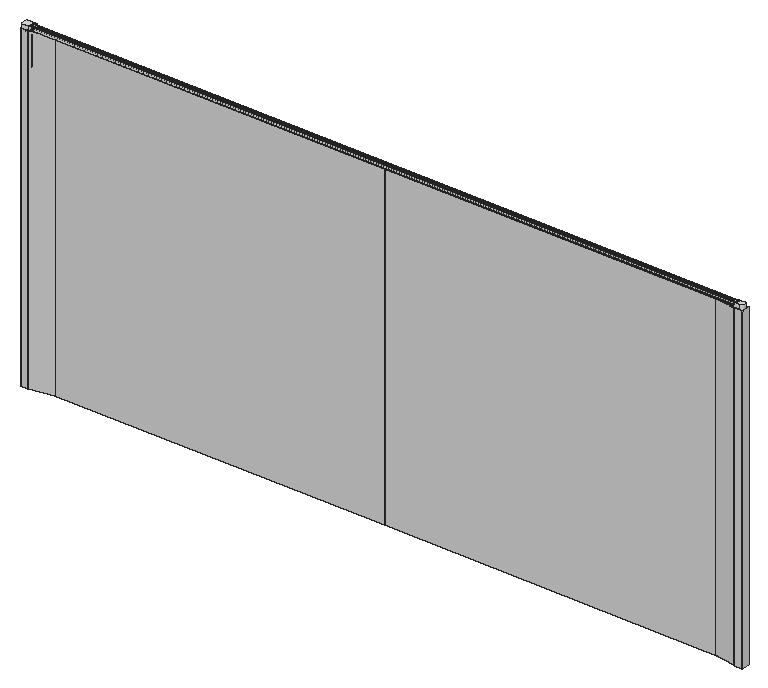
Revit family "Drapery_System-Lutron-Alena-LOD_200", category Generic Models, Revit 2017
Family settings
  Can host rebar = No
  Round Connector Dimension = Use Diameter
  Part Type = Normal
  OmniClass Number = 23.25.40.17.11
  OmniClass Title = Horizontally Sliding Partitions
  Work Plane-Based = No
  Always vertical = Yes
  Cut with Voids When Loaded = No
  Shared = No
  Room Calculation Point = No
Parameters (values of type "Pinch Pleat 2.5x")
  Warranty URL = "http://www.lutron.com/en-US/Service-Support/Pages/Service/Warranty/Warranty.aspx"
  Video Link = "https://www.youtube.com/user/LutronElectronicsInc"
  Version = "2017 - v1.0a"  # constant formula
  URL = "www.lutron.com"
  Type Comments = if(Pinch Pleat, "Pinch Pleat", "Ripplefold")  # "Pinch Pleat"
  Track Offset Constraint = if(Pinch Pleat, 1/8", 1/4")  # 1/8"
  Track = Metal - Lutron - Steel
  Support Phone = "(224) 699-9545"  # constant formula
  Support Email = "mailto: support@anguleris.com"
  Stackback Side Draw [instance] = 4 3/4" + (Carrier Count * 77/128") + Master Carrier Stackback Width  # 27 19/64"
  Stackback Right Max [instance] = if((4 3/4" + (Carrier Count Right * 77/128")) > (4 3/8" + (Carrier Count * 77/128")), (4 3/4" + (Carrier Count Right * 77/128")), (4 3/8" + (Carrier Count * 77/128")))  # 22 51/64"
  Stackback Right [instance] = if(and(Curtain Open, Center Draw), (Stackback Right Max + Master Carrier Stackback Width), if(and(Curtain Open, not(Center Draw)), Stackback Side Draw, if(and(Curtain Closed, Center Draw), (Curtain Length Constraint / 2), Curtain Length Constraint)))  # 108"
  Stackback Left Max [instance] = if((4 3/8" + (Carrier Count Right * 77/128")) > (4 3/4" + (Carrier Count * 77/128")), (4 3/8" + (Carrier Count Right * 77/128")), (4 3/4" + (Carrier Count * 77/128")))  # 22 51/64"
  Stackback Left [instance] = if(and(Curtain Open, Center Draw), (Stackback Left Max + Master Carrier Stackback Width), if(and(Curtain Open, not(Center Draw)), Stackback Side Draw, if(and(Curtain Closed, Center Draw), (Curtain Length Constraint / 2), Curtain Length Constraint)))  # 108"
  Ripplefold 80% = no
  Ripplefold 120% = no
  Ripplefold 100% = and(Ripplefold, not(or(Ripplefold 80%, Ripplefold 120%)))  # no
  Ripplefold = not(Pinch Pleat)  # no
  Right Draw Constraint [instance] = or(Right Draw, Center Draw)  # yes
  Right Draw [instance] = no
  Product Page URL = "http://www.lutron.com/en-US/Products/Pages/Components/AlenaPullToStartDraperyTrack/Overview.aspx"
  Product Name = "Alean Pull-to-Start Drapery Track"  # constant formula
  Product Documentation Link = "http://www.lutron.com/TechnicalDocumentLibrary/085319.pdf"
  Pinch Pleat 3x = no
  Pinch Pleat 2x = no
  Pinch Pleat 2.5x = and(Pinch Pleat, not(or(Pinch Pleat 2x, Pinch Pleat 3x)))  # yes
  Pinch Pleat = yes
  Performance URL = "http://www.lutron.com/en-US/Service-Support/Pages/Technical/PerfomanceSpecs.aspx"
  Panel Wavelength = Auxiliary Car Spacing * 2  # 7"
  Panel Count [instance] = if(or(Left Draw, Right Draw), Curtain Length Constraint / Panel Wavelength, (Curtain Length Constraint / 2) / Panel Wavelength)  # 15
  Model = if(and(Alena QS Wireless, Alena QS), "Please select only one model.", if(Alena QS Wireless, "Alena QS Wireless", if(Alena QS, "Alena QS", "Alena")))  # "Alena"
  Master Carrier Stackback Width [instance] = if(and(Ripplefold, Center Draw), 5 3/4", if(and(Ripplefold, not(Center Draw)), 5 1/4", 4 1/2"))  # 4 1/2"
  Manufacturer Phone Number = "(610) 282-3800"  # constant formula
  Manufacturer Fax Number = "(610) 282-1243"  # constant formula
  Manufacturer Email = "mailto: support@lutron.com"
  Manufacturer Address = "7200 Suter Rd, Coopersburg, PA 18036"  # constant formula
  Manufacturer = "Lutron Electronics Co., Inc"  # constant formula
  Left Draw Constraint [instance] = or(Left Draw, Center Draw)  # yes
  Left Draw [instance] = no
  Keynote = ""
  Instruction Sheet Link = "http://www.lutron.com/TechnicalDocumentLibrary/045402.pdf"
  Floor Offset Constraint [instance] = if(Floor Offset < 1/2", 1/2", if(Floor Offset > 1", 1", Floor Offset))  # 1"
  Floor Offset [instance] = 1"
  Drapery Visibility Contraint Left [instance] = and(Drapery Visibility, or(Left Draw, Center Draw))  # yes
  Drapery Visibility Constraint Right [instance] = and(Drapery Visibility, or(Right Draw, Center Draw))  # yes
  Drapery Visibility [instance] = yes
  Drapery = Fabric - Pinch Pleat - 2x
  Description = "Drapery System"  # constant formula
  Curtain Open [instance] = no
  Curtain Length Constraint [instance] = if(Curtain Length > 216", 216", Curtain Length)  # 216"
  Curtain Length [instance] = 216"
  Curtain Height [instance] = 96"
  Curtain Closed [instance] = not(Curtain Open)  # yes
  Cost Info = "mailto: custsvc@lutron.com"
  Cost = 0
  Copyright = "© 2019 Lutron Electronics Co., Inc"  # constant formula
  Clearance Offset Right [instance] = if(Right Draw, 3 83/256", 3 29/256")  # 3 29/256"
  Clearance Offset Left [instance] = if(Right Draw, 3 29/256", 3 83/256")  # 3 83/256"
  Clearance [instance] = no
  Center Draw [instance] = not(or(Left Draw, Right Draw))  # yes
  Carrier Count Right [instance] = if(and(Ripplefold, Center Draw), Carrier Count + 1, Carrier Count)  # 30
  Carrier Count [instance] = if(and(Pinch Pleat, Center Draw), roundup(((Curtain Length Constraint - 11 1/2") / Auxiliary Car Spacing) / 2), if(and(Pinch Pleat, not(Center Draw)), roundup((Curtain Length Constraint - 9 51/128") / Auxiliary Car Spacing), if(and(Ripplefold, Center Draw), roundup(((Curtain Length Constraint - 17 115/128") / Auxiliary Car Spacing + 1) / 2), roundup((Curtain Length Constraint - 10 77/256") / Auxiliary Car Spacing + 1))))  # 30
  Auxiliary Car Spacing = if(Ripplefold 80%, 2 3/8", if(Ripplefold 120%, 1 7/8", if(Ripplefold 100%, 2 1/8", if(Pinch Pleat 2x, 3 1/2", if(Pinch Pleat 3x, 3", 3 1/2")))))  # 3 1/2"
  Assembly Code = "C1010300"
  Alena QS Wireless = no
  Alena QS = no
  Alena = not(or(Alena QS, Alena QS Wireless))  # yes
Types (6): name | Type Comments | Track Offset Constraint | Stackback Side Draw | Stackback Right Max | Stackback Left Max | Ripplefold 80% | Ripplefold 120% | Ripplefold 100% | Ripplefold | Pinch Pleat 3x | Pinch Pleat 2x | Pinch Pleat 2.5x | Pinch Pleat | Performance URL | Panel Wavelength | Panel Count | Master Carrier Stackback Width | Drapery | Clearance | Carrier Count Right | Carrier Count | Auxiliary Car Spacing
  Pinch Pleat 2.5x | "Pinch Pleat" | 1/8" | 27 19/64" | 22 51/64" | 22 51/64" | no | no | no | no | no | no | yes | yes | "http://www.lutron.com/en-US/Service-Support/Pages/Technical/PerfomanceSpecs.aspx" | 7" | 15 | 4 1/2" | Fabric - Pinch Pleat - 2x | no | 30 | 30 | 3 1/2"
  Pinch Pleat 3x | "Pinch Pleat" | 1/8" | 30 39/128" | 25 103/128" | 25 103/128" | no | no | no | no | yes | no | no | yes | "" | 6" | 18 | 4 1/2" | Fabric - Pinch Pleat - 3x | no | 35 | 35 | 3"
  Ripplefold 120% | "Ripplefold" | 1/4" | 42 63/64" | 37 107/128" | 37 59/128" | no | yes | no | yes | no | no | no | no | "" | 3 3/4" | 29 | 5 3/4" | Fabric - Ripplefold - 120% | yes | 55 | 54 | 1 7/8"
  Ripplefold 80% | "Ripplefold" | 1/4" | 36 47/128" | 31 7/32" | 30 27/32" | yes | no | no | yes | no | no | no | no | "" | 4 3/4" | 23 | 5 3/4" | Fabric - Ripplefold - 80% | no | 44 | 43 | 2 3/8"
  Pinch Pleat 2x | "Pinch Pleat" | 1/8" | 27 19/64" | 22 51/64" | 22 51/64" | no | no | no | no | no | yes | no | yes | "" | 7" | 15 | 4 1/2" | Fabric - Pinch Pleat - 2x | no | 30 | 30 | 3 1/2"
  Ripplefold 100% | "Ripplefold" | 1/4" | 39 3/8" | 34 29/128" | 33 109/128" | no | no | yes | yes | no | no | no | no | "" | 4 1/4" | 25 | 5 3/4" | Fabric - Ripplefold - 100% | no | 49 | 48 | 2 1/8"
Reference planes (in)
  plane 1 "Center (Front/Back)": y = 0
  plane 2: z = 0
  plane 3 "Center (Left/Right)": x = -0.10879
  plane 4 "Top (Curtain)": z = 97
  plane 5: z = 1
  plane 6 "Bottom (Track)": z = 97.125
  plane 7 "Top": z = 98.15625
  plane 8 "Left (Track)": x = -105.78421
  plane 9 "Right (Track)": x = 105.78421
  plane 10 "Left (Clearance)": x = -109.10843
  plane 11 "Right (Clearance)": x = 108.89749
  plane 12 "Back (Clearance)": y = 2.5
  plane 13 "Front (Clearance)": y = -2.5
  plane 14 "Left (Right Draw)": x = -0.10879
  plane 15 "Right (Left Draw)": x = -0.10879
  plane 16 "Back (Curtain)": y = 0.03125
  plane 17 "Front (Curtain)": y = -0.03125
  plane 18 "Left": x = -108.10879
  plane 19 "Right": x = 107.89121
  plane 20: z = -1
Forms (in)
  Sweep 1, solid, material "Metal - Lutron - Steel" <- "Track"
    path origin (-118.62116, -180, 98.15625) x (-1, 0, 0) y (0, -1, 0)
      loop
        line (-12.83695, -180) -> (-224.40537, -180)
    profile "Track_Profile : Track_Profile" origin (0, 0, 98.15625) x (0, 1, 0) y (0, 0, 1)
      loop
        line (-0.56481, -0.07) -> (-0.45831, -0.07) -> (-0.45831, 0) -> (-0.61281, 0)
        arc (-0.61281, 0) -> (-0.62695, -0.00586) -> (-0.63281, -0.02) r 0.02
        line (-0.63281, -0.02) -> (-0.63281, -0.97813)
        arc (-0.63281, -0.97813) -> (-0.61524, -1.02055) -> (-0.57281, -1.03813) r 0.06
        line (-0.57281, -1.03813) -> (-0.15481, -1.03812)
        arc (-0.15481, -1.03812) -> (-0.14067, -1.03227) -> (-0.13481, -1.01813) r 0.02
        line (-0.13481, -1.01813) -> (-0.13481, -0.93407)
        arc (-0.13481, -0.93407) -> (-0.21681, -0.98888) -> (-0.29881, -0.93407) r 0.08875
        line (-0.29881, -0.93407) -> (-0.29881, -0.79912) -> (-0.34681, -0.79912) -> (-0.34681, -0.97412) -> (-0.56481, -0.97412) -> (-0.56481, -0.379) -> (-0.34681, -0.379) -> (-0.34681, -0.57806) -> (-0.29881, -0.57806) -> (-0.29881, -0.379) -> (0.299, -0.379) -> (0.299, -0.57806) -> (0.347, -0.57806) -> (0.347, -0.379) -> (0.56481, -0.379) -> (0.56481, -0.97412) -> (0.347, -0.97412) -> (0.347, -0.79912) -> (0.299, -0.79912) -> (0.299, -0.93407)
        arc (0.299, -0.93407) -> (0.217, -0.98888) -> (0.135, -0.93407) r 0.08875
        line (0.135, -0.93407) -> (0.135, -1.01813)
        arc (0.135, -1.01813) -> (0.14086, -1.03227) -> (0.155, -1.03813) r 0.02
        line (0.155, -1.03813) -> (0.57281, -1.03812)
        arc (0.57281, -1.03812) -> (0.61524, -1.02055) -> (0.63281, -0.97813) r 0.06
        line (0.63281, -0.97813) -> (0.63281, -0.02)
        arc (0.63281, -0.02) -> (0.62695, -0.00586) -> (0.61281, 0) r 0.02
        line (0.61281, 0) -> (0.45831, 0) -> (0.45831, -0.07) -> (0.56481, -0.07) -> (0.56481, -0.317) -> (-0.56481, -0.317) -> (-0.56481, -0.07)
  Extrusion 2, solid, material "Clearance - Lutron - Clear", visible <- "Clearance"
    sketch origin (0, 0, 0) x (1, 0, 0) y (0, 1, 0)
      loop
        line (-109.10843, 2.5) -> (-109.10843, -2.5) -> (108.89749, -2.5) -> (108.89749, 2.5) -> (-109.10843, 2.5)
    from 0 to 98.15625
  Extrusion 3, solid, material "Fabric - Pinch Pleat - 2x" <- "Drapery", visible <- "Drapery Visibility Contraint Left"
    sketch origin (0, 0, 0) x (1, 0, 0) y (0, 1, 0)
      loop
        line (-108.10879, 0.03125) -> (-108.10879, -0.03125) -> (-0.10879, -0.03125) -> (-0.10879, 0.03125) -> (-108.10879, 0.03125)
    from -1 to 97
  Extrusion 4, solid, material "Fabric - Pinch Pleat - 2x" <- "Drapery", visible <- "Drapery Visibility Constraint Right"
    sketch origin (0, 0, 0) x (1, 0, 0) y (0, 1, 0)
      loop
        line (-0.10879, 0.03125) -> (-0.10879, -0.03125) -> (107.89121, -0.03125) -> (107.89121, 0.03125) -> (-0.10879, 0.03125)
    from -1 to 97
  Extrusion 5, solid, material "Fabric - Pinch Pleat - 2x" <- "Drapery", visible <- "Drapery Visibility Contraint Left"
    sketch origin (0, 0, 0) x (1, 0, 0) y (0, 1, 0)
      loop
        arc (-105.77643, -1.13895) -> (-105.86067, -1.14975) -> (-105.94551, -1.15335) r 1
        line (-105.94551, -1.15335) -> (-108.21367, -1.15335)
        arc (-108.21367, -1.15335) -> (-108.23576, -1.1442) -> (-108.24492, -1.1221) r 0.03125
        line (-108.24492, -1.1221) -> (-108.24492, 0.97479) -> (-108.30742, 0.97479) -> (-108.30742, -1.1221)
        arc (-108.30742, -1.1221) -> (-108.27996, -1.18839) -> (-108.21367, -1.21585) r 0.09375
        line (-108.21367, -1.21585) -> (-105.94551, -1.21585)
        arc (-105.94551, -1.21585) -> (-105.85536, -1.21202) -> (-105.76587, -1.20055) r 1.0625
        line (-105.76587, -1.20055) -> (-98.76757, 0) -> (-99.13722, 0) -> (-105.77643, -1.13895)
    from -1 to 97
  Extrusion 6, solid, material "Fabric - Pinch Pleat - 2x" <- "Drapery", visible <- "Drapery Visibility Constraint Right"
    sketch origin (-0.21757, 0, 0) x (-1, 0, 0) y (0, -1, 0)
      loop
        line (-105.77643, 1.13895) -> (-99.13722, 0) -> (-98.76757, 0) -> (-105.76587, 1.20055)
        arc (-105.76587, 1.20055) -> (-105.85536, 1.21202) -> (-105.94551, 1.21585) r 1.0625
        line (-105.94551, 1.21585) -> (-108.21367, 1.21585)
        arc (-108.21367, 1.21585) -> (-108.27996, 1.18839) -> (-108.30742, 1.1221) r 0.09375
        line (-108.30742, 1.1221) -> (-108.30742, -0.97479) -> (-108.24492, -0.97479) -> (-108.24492, 1.1221)
        arc (-108.24492, 1.1221) -> (-108.23576, 1.1442) -> (-108.21367, 1.15335) r 0.03125
        line (-108.21367, 1.15335) -> (-105.94551, 1.15335)
        arc (-105.94551, 1.15335) -> (-105.86067, 1.14975) -> (-105.77643, 1.13895) r 1
    from -1 to 97
  Extrusion 7, void
    sketch origin (0, 0, 0) x (1, 0, 0) y (0, 0, 1)
      loop
        line (-109.10843, 1) -> (-109.10843, -1) -> (108.89749, -1) -> (108.89749, 1) -> (-109.10843, 1)
    from -2.5 to 2.5
Cuts and joins
  Extrusion 7 cuts Extrusion 6
  Extrusion 7 cuts Extrusion 4
  Extrusion 7 cuts Extrusion 3
  Extrusion 7 cuts Extrusion 5
Dimensions and locks (in)
  "Floor Offset Constraint": plane 5 to level
  "Curtain Height": plane 4 "Top (Curtain)" to plane 5
  "Track Offset Constraint": plane 6 "Bottom (Track)" to plane 4 "Top (Curtain)"
  locked: plane 7 "Top" to plane 6 "Bottom (Track)" at 1.03125
  "Clearance Offset Left": plane 10 "Left (Clearance)" to plane 8 "Left (Track)"
  "Clearance Offset Right": plane 9 "Right (Track)" to plane 11 "Right (Clearance)"
  plane 13 "Front (Clearance)" to plane 1 "Center (Front/Back)" to plane 12 "Back (Clearance)" = 2 1/2" locked, 2 1/2" locked
  equal spacing: plane 16 "Back (Curtain)", plane 1 "Center (Front/Back)", plane 17 "Front (Curtain)"
  plane 16 "Back (Curtain)" to plane 17 "Front (Curtain)" = 1/16"
  locked: plane 10 "Left (Clearance)" to plane 18 "Left" at 0.99964
  locked: plane 19 "Right" to plane 11 "Right (Clearance)" at 1.00628
  "Stackback Right": plane 14 "Left (Right Draw)" to plane 19 "Right"
  "Stackback Left": plane 18 "Left" to plane 15 "Right (Left Draw)"
  "Curtain Length Constraint": plane 18 "Left" to plane 19 "Right"
  equal spacing: plane 18 "Left", plane 3 "Center (Left/Right)", plane 19 "Right"
  Extrusion 6 sketch curve to Extrusion 6 sketch curve to Extrusion 6 sketch curve to Extrusion 6 sketch curve to plane 19 "Right" to Extrusion 6 sketch curve to Extrusion 6 sketch curve to Extrusion 6 sketch curve to Extrusion 6 sketch curve = 0.36965" locked, 6.8083" locked, 0" locked, 2.16327" locked, 0.10488" locked, 0" locked, 1/32" locked, 1/16" locked
  Extrusion 6 sketch curve to Extrusion 6 sketch curve to Extrusion 6 sketch curve to Extrusion 6 sketch curve to plane 1 "Center (Front/Back)" to Extrusion 6 sketch curve = 0" locked, 31/32" locked, 0" locked, 0.15335" locked, 0.97479" locked
  Extrusion 5 sketch curve to Extrusion 5 sketch curve to Extrusion 5 sketch curve to Extrusion 5 sketch curve to Extrusion 5 sketch curve to Extrusion 5 sketch curve to Extrusion 5 sketch curve to Extrusion 5 sketch curve to plane 1 "Center (Front/Back)" to Extrusion 5 sketch curve to Extrusion 5 sketch curve to Extrusion 5 sketch curve to Extrusion 5 sketch curve = 0" locked, 0.0153" locked, 0.0472" locked, 0" locked, 0.0144" locked, 0.01685" locked, 0" locked, 1.1221" locked, 0" locked, 0" locked, 0.97479" locked, 0" locked
  Extrusion 5 sketch curve to Extrusion 5 sketch curve to Extrusion 5 sketch curve to Extrusion 5 sketch curve to Extrusion 5 sketch curve to Extrusion 5 sketch curve to plane 18 "Left" to Extrusion 5 sketch curve to Extrusion 5 sketch curve to Extrusion 5 sketch curve to Extrusion 5 sketch curve to Extrusion 5 sketch curve to Extrusion 5 sketch curve = 0" locked, 1/16" locked, 0" locked, 1/32" locked, 0" locked, 0.10488" locked, 2.16327" locked, 0" locked, 0.16908" locked, 0.01057" locked, 6.62865" locked, 0.36965" locked
  level to plane 20 = 1"
  aligned and locked: level to plane 2
  aligned and locked: plane 9 "Right (Track)" to Sweep 1 sketch curve
  aligned and locked: plane 8 "Left (Track)" to Sweep 1 sketch curve
  aligned and locked: plane 1 "Center (Front/Back)" to Sweep 1 sketch curve
  aligned and locked: plane 8 "Left (Track)" to nested 1
  aligned and locked: nested 1 to plane 1 "Center (Front/Back)"
  aligned and locked: nested 2 to plane 1 "Center (Front/Back)"
  aligned and locked: plane 7 "Top" to nested 2
  aligned and locked: nested 2 to plane 9 "Right (Track)"
  aligned and locked: plane 8 "Left (Track)" to nested 3
  aligned and locked: plane 1 "Center (Front/Back)" to nested 3
  aligned and locked: plane 10 "Left (Clearance)" to Extrusion 2 sketch curve
  aligned and locked: plane 11 "Right (Clearance)" to Extrusion 2 sketch curve
  aligned and locked: Extrusion 2 sketch curve to plane 12 "Back (Clearance)"
  aligned and locked: Extrusion 2 sketch curve to plane 13 "Front (Clearance)"
  aligned and locked: plane 7 "Top" to Extrusion 2
  aligned and locked: Extrusion 3 sketch curve to plane 15 "Right (Left Draw)"
  aligned and locked: Extrusion 3 sketch curve to plane 16 "Back (Curtain)"
  aligned and locked: Extrusion 3 sketch curve to plane 17 "Front (Curtain)"
  aligned and locked: plane 4 "Top (Curtain)" to Extrusion 3
  aligned and locked: Extrusion 4 sketch curve to plane 16 "Back (Curtain)"
  aligned and locked: Extrusion 4 sketch curve to plane 17 "Front (Curtain)"
  aligned and locked: plane 14 "Left (Right Draw)" to Extrusion 4 sketch curve
  aligned and locked: plane 4 "Top (Curtain)" to Extrusion 4
  aligned and locked: plane 7 "Top" to nested 1
  aligned and locked: nested 3 to nested 1
  aligned and locked: nested 4 to plane 7 "Top"
  aligned and locked: nested 4 to plane 1 "Center (Front/Back)"
  aligned and locked: plane 8 "Left (Track)" to nested 4
  aligned and locked: nested 5 to plane 1 "Center (Front/Back)"
  aligned and locked: nested 5 to plane 9 "Right (Track)"
  aligned and locked: nested 5 to plane 7 "Top"
  aligned and locked: nested 6 to plane 1 "Center (Front/Back)"
  aligned and locked: plane 9 "Right (Track)" to nested 6
  aligned and locked: nested 5 to nested 6
  aligned and locked: plane 18 "Left" to Extrusion 3 sketch curve
  aligned and locked: plane 19 "Right" to Extrusion 4 sketch curve
  aligned and locked: plane 4 "Top (Curtain)" to Extrusion 5
  aligned and locked: plane 4 "Top (Curtain)" to Extrusion 6
  aligned and locked: plane 1 "Center (Front/Back)" to Extrusion 6 sketch curve
  aligned and locked: Extrusion 3 to plane 20
  aligned and locked: Extrusion 5 to plane 20
  aligned and locked: Extrusion 4 to plane 20
  aligned and locked: Extrusion 6 to plane 20
  aligned and locked: Extrusion 7 sketch curve to plane 5
  aligned and locked: plane 20 to Extrusion 7 sketch curve
  aligned and locked: plane 10 "Left (Clearance)" to Extrusion 7 sketch curve
  aligned and locked: plane 11 "Right (Clearance)" to Extrusion 7 sketch curve
  aligned and locked: plane 12 "Back (Clearance)" to Extrusion 7
  aligned and locked: plane 13 "Front (Clearance)" to Extrusion 7
  aligned and locked: plane 4 "Top (Curtain)" to cut or joined group of Extrusion 5, Extrusion 7  (x2)
  aligned and locked: plane 4 "Top (Curtain)" to cut or joined group of Extrusion 3, Extrusion 7
  aligned and locked: cut or joined group of Extrusion 4, Extrusion 7 to plane 4 "Top (Curtain)"
  aligned and locked: plane 4 "Top (Curtain)" to cut or joined group of Extrusion 6, Extrusion 7  (x2)
Automatic sketch dimensions
  Extrusion 6 sketch curve to Extrusion 6 sketch curve = 0.16908"
  Extrusion 6 sketch curve to Extrusion 6 sketch curve = 0.01057"
Nested families (in)
  nested 1: "Railbox_EDU" at (-105.78421, 0, 96.70624), Geometry <- "Left Draw Constraint", type "Railbox_EDU"
    with Geometry yes
  nested 2: "Railbox_Idler" at (105.78421, 0, 96.9203), Geometry <- "Left Draw Constraint", type "Railbox_Idler"
    with Geometry yes
  nested 3: "ElectronicDriveUnit" at (-105.78421, 0, 87.51624), Geometry <- "Left Draw Constraint", type "ElectronicDriveUnit"
    with Geometry yes
  nested 4: "Railbox_Idler" at (-105.78421, 0, 96.9203) x (-1, 0, 0) z (0, 0, 1), Geometry <- "Right Draw", type "Railbox_Idler"
    with Geometry no
  nested 5: "Railbox_EDU" at (105.78421, 0, 96.70624) x (-1, 0, 0) z (0, 0, 1), Geometry <- "Right Draw", type "Railbox_EDU"
    with Geometry no
  nested 6: "ElectronicDriveUnit" at (105.78421, 0, 87.51624) x (-1, 0, 0) z (0, 0, 1), Geometry <- "Right Draw", type "ElectronicDriveUnit"
    with Geometry no
Definition of nested family "Railbox_EDU"
  Parameters (values of type "Railbox_EDU")
    Geometry [instance] = yes
    Finish = none
  Reference planes (in)
    plane 1 "Center (Front/Back)": y = 0
    plane 2: z = 0
    plane 3 "Center (Left/Right)": x = 0
  Forms (in)
    Extrusion 1, solid, material <- "Finish", visible <- "Geometry"
      sketch origin (107.17691, 4.08038, -96.84) x (1, 0, 0) y (0, 1, 0)
        loop
          line (-107.21074, -3.07434) -> (-109.33324, -3.07434)
          arc (-109.33324, -3.07434) -> (-109.44867, -3.12182) -> (-109.49729, -3.23677) r 0.16406
          arc (-109.49729, -3.23677) -> (-109.50149, -4.08038) -> (-109.49729, -4.92399) r 84.78661
          arc (-109.49729, -4.92399) -> (-109.44867, -5.03894) -> (-109.33324, -5.08642) r 0.16406
          line (-109.33324, -5.08642) -> (-107.21074, -5.08642) -> (-106.44057, -4.95062)
          arc (-106.44057, -4.95062) -> (-106.38503, -4.91855) -> (-106.3631, -4.85829) r 0.09375
          line (-106.3631, -4.85829) -> (-106.3631, -4.71319) -> (-107.17691, -4.71319) -> (-107.17691, -3.44757) -> (-106.3631, -3.44757) -> (-106.3631, -3.30247)
          arc (-106.3631, -3.30247) -> (-106.38503, -3.24221) -> (-106.44057, -3.21014) r 0.09375
          line (-106.44057, -3.21014) -> (-107.21074, -3.07434)
      from 96.84 to 98.29001
    Extrusion 2, solid, material <- "Finish", visible <- "Geometry"
      sketch origin (107.17691, 4.08038, -96.84) x (1, 0, 0) y (0, 1, 0)
        loop
          line (-108.4562, -2.92703) -> (-108.57981, -3.07434) -> (-107.8295, -3.07434) -> (-107.95311, -2.92703) -> (-108.4562, -2.92703)
        loop
          line (-108.4562, -5.23373) -> (-107.95311, -5.23373) -> (-107.8295, -5.08642) -> (-108.57981, -5.08642) -> (-108.4562, -5.23373)
        loop
          line (-109.63762, -3.22103) -> (-109.63762, -3.63124) -> (-109.4758, -3.77191) -> (-109.4758, -3.22103) -> (-109.63762, -3.22103)
        loop
          line (-109.63762, -4.93973) -> (-109.4758, -4.93973) -> (-109.4758, -4.38885) -> (-109.63762, -4.52952) -> (-109.63762, -4.93973)
      from 96.94001 to 97.04001
    Extrusion 3, solid, material <- "Finish", visible <- "Geometry"
      sketch origin (107.17691, 4.08038, -96.84) x (1, 0, 0) y (0, 1, 0)
        loop
          line (-105.85792, -3.72325) -> (-107.17691, -3.72325) -> (-107.17691, -4.43751) -> (-105.85792, -4.43751) -> (-105.85792, -3.72325)
      from 98.073 to 98.29001
    Extrusion 4, solid, material <- "Finish", visible <- "Geometry"
      sketch origin (107.17691, 4.08038, -96.84) x (1, 0, 0) y (0, 1, 0)
        loop
          line (-106.3631, -3.44757) -> (-107.17691, -3.44757) -> (-107.17691, -4.71319) -> (-106.3631, -4.71319) -> (-106.3631, -3.44757)
      from 96.84 to 97.25
  Cuts and joins
    joined: Extrusion 1, Extrusion 2, Extrusion 3, Extrusion 4
  Dimensions and locks (in)
    aligned and locked: plane 2 to level
Definition of nested family "Railbox_Idler"
  Parameters (values of type "Railbox_Idler")
    Geometry [instance] = yes
    Finish = none
    Default Elevation = 48"
  Reference planes (in)
    plane 1 "Center (Front/Back)": y = 0
    plane 2: z = 0
    plane 3 "Center (Left/Right)": x = 0
  Forms (in)
    Extrusion 1, solid, material <- "Finish", visible <- "Geometry"
      sketch origin (-88.82309, 4.08038, -97.05406) x (1, 0, 0) y (0, 1, 0)
        loop
          line (90.06568, -3.26305) -> (88.22174, -3.38014) -> (88.22174, -3.44757) -> (88.82309, -3.44757) -> (88.82309, -4.71319) -> (88.22174, -4.71319) -> (88.22174, -4.78062) -> (90.06568, -4.89771)
          arc (90.06568, -4.89771) -> (90.93656, -4.08038) -> (90.06568, -3.26305) r 0.81898
      from 97.05406 to 98.29001
    Extrusion 2, solid, material <- "Finish", visible <- "Geometry"
      sketch origin (-88.82309, 4.08038, -97.05406) x (1, 0, 0) y (0, 1, 0)
        loop
          line (87.71756, -3.69963) -> (87.71756, -4.46114) -> (88.82309, -4.46114) -> (88.82309, -3.69963) -> (87.71756, -3.69963)
      from 97.97206 to 98.29001
    Extrusion 3, solid, material <- "Finish", visible <- "Geometry"
      sketch origin (-88.82309, 4.08038, -97.05406) x (1, 0, 0) y (0, 1, 0)
        loop
          line (88.22174, -3.44757) -> (88.22174, -4.71319) -> (88.82309, -4.71319) -> (88.82309, -3.44757) -> (88.22174, -3.44757)
      from 97.05406 to 97.25
  Cuts and joins
    joined: Extrusion 1, Extrusion 2, Extrusion 3
  Dimensions and locks (in)
    aligned and locked: plane 2 to level
Definition of nested family "ElectronicDriveUnit"
  Parameters (values of type "ElectronicDriveUnit")
    Geometry [instance] = yes
    Finish = none
  Reference planes (in)
    plane 1 "Center (Front/Back)": y = 0
    plane 2: z = 0
    plane 3 "Center (Left/Right)": x = 0
  Forms (in)
    Extrusion 1, solid, material <- "Finish", visible <- "Geometry"
      sketch origin (107.17691, 4.08038, -87.65) x (1, 0, 0) y (0, 1, 0)
        loop
          arc (-108.28565, -3.05538) -> (-109.31065, -4.08038) -> (-108.28565, -5.10538) r 1.025
          line (-108.28565, -5.10538) -> (-106.50487, -5.10538)
          arc (-106.50487, -5.10538) -> (-106.39936, -5.06168) -> (-106.35566, -4.95616) r 0.14922
          line (-106.35566, -4.95616) -> (-106.35566, -4.91419)
          arc (-106.35566, -4.91419) -> (-106.34386, -4.85487) -> (-106.31027, -4.80458) r 0.15505
          arc (-106.31027, -4.80458) -> (-106.01039, -4.08038) -> (-106.31027, -3.35619) r 1.02439
          arc (-106.31027, -3.35619) -> (-106.34386, -3.30589) -> (-106.35566, -3.24657) r 0.15505
          line (-106.35566, -3.24657) -> (-106.35566, -3.2046)
          arc (-106.35566, -3.2046) -> (-106.39936, -3.09909) -> (-106.50487, -3.05538) r 0.14922
          line (-106.50487, -3.05538) -> (-108.28565, -3.05538)
      from 87.65 to 96.53503
    Extrusion 2, solid, material <- "Finish", visible <- "Geometry"
      sketch origin (107.17691, 4.08038, -87.65) x (1, 0, 0) y (0, 1, 0)
        loop
          circle (-108.28565, -4.08038) r 0.5
      from 96.53503 to 96.84
  Dimensions and locks (in)
    aligned and locked: plane 2 to level
